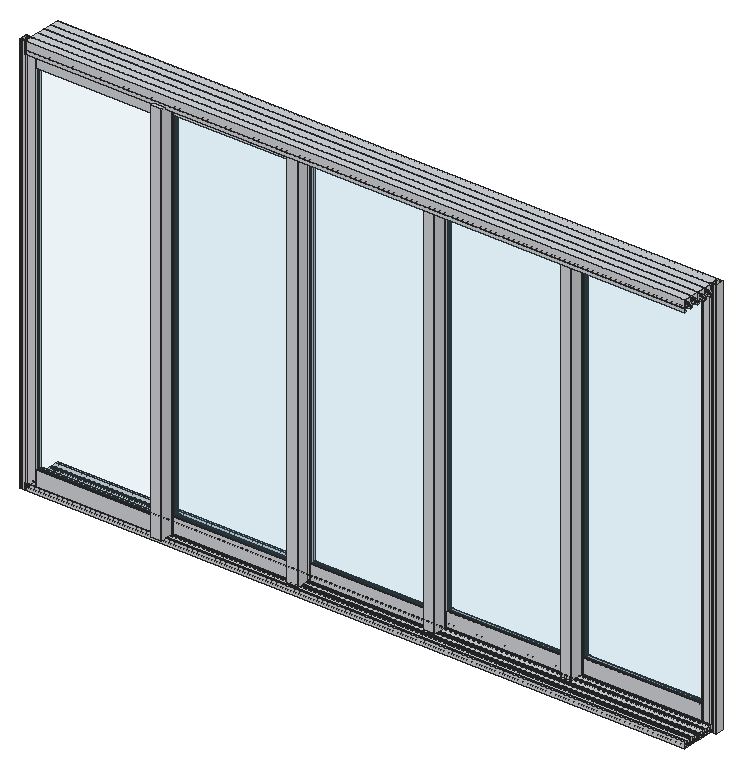
Revit family "MT-HB_SLIDING DOOR_XXXXX", category Doors, host Wall, Revit 2017 (continued)
Definition of nested family "HB_SLIDING_GLAZED PANEL_XX_TYPE 2"
  Forms (mm)
    Sweep 6, solid, material <- "Sash Material", visible <- "SINGLE GLAZED"
      profile "HB26_BOTTOM RAIL_SGL : HB26_BOTTOM RAIL_SGL" origin (0, 0, 0) x (0, 0, 1) y (0, -1, 0)
        loop
          line (120, -22.5) -> (120, -12.7) -> (118.4, -12.7) -> (118.4, -9.5) -> (109.983, -9.5) -> (109.983, -13.498) -> (115.737, -13.498)
          arc (115.737, -13.498) -> (117.337, -14.16) -> (118, -15.76) r 2.263
          line (118, -15.76) -> (118, -20.5) -> (99.998, -20.5) -> (99.998, 6.917) -> (104.597, 11.515) -> (109.994, 11.515) -> (109.994, 9.5) -> (118.41, 9.5) -> (118.41, 12.7) -> (120, 12.7) -> (120, 22.5) -> (-0.002, 22.5) -> (-0.002, 20.5) -> (47.501, 20.5) -> (47.501, -20.5) -> (-0.002, -20.5) -> (-0.002, -22.5) -> (120, -22.5)
    Sweep 7, solid, material <- "Sash Material", visible <- "DOUBLE GLAZED"
      path origin (0, 0, 0) x (1, 0, 0) y (0, 0, 1)
        loop
          line (-442.7, 0) -> (442.7, 0)
      profile "HB426_BOTTOM RAIL_DBL : HB426_BOTTOM RAIL_DBL" origin (0, 0, 0) x (0, 0, 1) y (0, -1, 0)
        loop
          line (120, -22.5) -> (120, -19.2) -> (118.4, -19.2) -> (118.4, -16) -> (109.994, -16) -> (109.994, -20.5) -> (99.998, -20.5) -> (99.998, 6.97) -> (97.544, 6.97) -> (97.544, 16.214) -> (101.841, 20.511) -> (109.994, 20.511) -> (109.994, 16.001) -> (118.4, 16.001) -> (118.4, 19.201) -> (120, 19.201) -> (120, 22.5) -> (-0.002, 22.5) -> (-0.002, 20.4) -> (47.501, 20.4) -> (47.501, -20.4) -> (-0.002, -20.4) -> (-0.002, -22.5) -> (120, -22.5)
    Sweep 8, solid, material <- "Sash Material", visible <- "DOUBLE GLAZED"
      path origin (0, 0, 0) x (1, 0, 0) y (0, 0, 1)
        loop
          line (-522.7, 2890) -> (-522.7, 0)
      profile "HB106_DBL_INTERLOCK : HB428_SGL_LOCK STILE" origin (-522.7, 0, 1445) x (1, 0, 0) y (0, -1, 0)
        loop
          line (80, -22.5) -> (80, -19.2) -> (78.4, -19.2) -> (78.4, -16) -> (68.805, -16) -> (68.805, -20) -> (50.003, -20) -> (50.003, 20) -> (68.805, 20) -> (68.805, 16) -> (78.4, 16) -> (78.4, 19.2) -> (80, 19.2) -> (80, 22.5) -> (0, 22.5) -> (0, -19)
          arc (0, -19) -> (1.025, -21.475) -> (3.5, -22.5) r 3.5
          line (3.5, -22.5) -> (80, -22.5)
    Sweep 9, solid, material <- "Sash Material", visible <- "SINGLE GLAZED"
      path origin (0, 0, 0) x (1, 0, 0) y (0, 0, 1)
        loop
          line (522.7, 2890) -> (522.7, 0)
      profile "HB22_SGL_LOCK STILE : HB22_SGL_LOCK STILE" origin (522.7, 0, 1445) x (1, 0, 0) y (0, -1, 0)
        loop
          line (-75, -22.5) -> (-2.431, -22.5)
          arc (-2.431, -22.5) -> (-1.085, -18.564) -> (0, -14.548) r 63.5
          line (0, -14.548) -> (0, 14.548)
          arc (0, 14.548) -> (-1.085, 18.564) -> (-2.431, 22.5) r 63.5
          line (-2.431, 22.5) -> (-75, 22.5) -> (-75, 12.7) -> (-73.34, 12.7) -> (-73.34, 9.5) -> (-64.882, 9.5) -> (-64.882, 13.93) -> (-72.44, 13.93) -> (-72.44, 20.5) -> (-49.94, 20.5) -> (-49.94, -20.5) -> (-72.44, -20.5) -> (-72.44, -13.93) -> (-64.882, -13.93) -> (-64.882, -9.5) -> (-73.34, -9.5) -> (-73.34, -12.7) -> (-75, -12.7) -> (-75, -22.5)
    Sweep 10, solid, material <- "Sash Material", visible <- "DOUBLE GLAZED"
      path origin (0, 0, 0) x (1, 0, 0) y (0, 0, 1)
        loop
          line (522.7, 2890) -> (522.7, 0)
      profile "HB422_DBL_LOCK STILE : HB422_DBL_LOCK STILE" origin (522.7, 0, 1445) x (1, 0, 0) y (0, -1, 0)
        loop
          arc (-2.491, -22.5) -> (-1.107, -18.437) -> (0, -14.29) r 63.5
          line (0, -14.29) -> (0, 14.29)
          arc (0, 14.29) -> (-1.107, 18.437) -> (-2.491, 22.5) r 63.5
          line (-2.491, 22.5) -> (-80, 22.5) -> (-80, 19.2) -> (-78.4, 19.2) -> (-78.4, 16) -> (-68.805, 16) -> (-68.805, 20.5) -> (-50, 20.5) -> (-50, -20.5) -> (-68.805, -20.5) -> (-68.805, -16) -> (-78.4, -16) -> (-78.4, -19.2) -> (-80, -19.2) -> (-80, -22.5) -> (-2.491, -22.5)
  Lines and regions (mm)
    Masking region 1, detail levels coarse
      outline origin (0, 0, 0) x (1, 0, 0) y (0, 1, 0)
        loop
          line (442.7, 22.5) -> (442.7, -22.5) -> (522.7, -22.5) -> (522.7, 22.5) -> (442.7, 22.5)
        loop
          line (-522.7, 22.5) -> (-522.7, -22.5) -> (-442.7, -22.5) -> (-442.7, 22.5) -> (-522.7, 22.5)
    Masking region 2, detail levels coarse
      outline origin (0, 0, 0) x (0, 1, 0) y (0, 0, 1)
        loop
          line (22.5, 2890) -> (-22.5, 2890) -> (-22.5, 2810.5) -> (22.5, 2810.5) -> (22.5, 2890)
        loop
          line (22.5, 0) -> (22.5, 120) -> (-22.5, 120) -> (-22.5, 0) -> (22.5, 0)
  Dimensions and locks
    equal spacing: plane 4, plane 3 "Center (Left/Right)", plane 5
    "PANEL WIDTH": plane 4 to plane 5
    "PANEL HEIGHT": plane 8 to plane 2
    equal spacing: Extrusion 1 sketch curve, plane 1 "Center (Front/Back)", Extrusion 1 sketch curve
    "SINGLE GLAZED THICKNESS": Extrusion 1 sketch curve to Extrusion 1 sketch curve
    equal spacing: plane 8, plane 11, plane 2
    equal spacing: Extrusion 2 sketch curve, plane 1 "Center (Front/Back)", Extrusion 2 sketch curve  (x2)
    "AIR POCKET": Extrusion 2 sketch curve to Extrusion 2 sketch curve
    "DOUBLE GLAZED THICKNESS": Extrusion 2 sketch curve to Extrusion 2 sketch curve
    "JAMP WIDTH": plane 4 to plane 12
    "JAMP WIDTH": plane 13 to plane 5
    "HEAD_JAMP HEIGHT": plane 8 to plane 9
    locked: plane 13 to plane 7 at 8
    "BOTTOM_JAMP HEIGHT": plane 10 to plane 2
    locked: plane 6 to plane 12 at 8
    locked: plane 10 to plane 14 at 10
    locked: plane 15 to plane 9 at 10
    "GLAZED WIDTH": plane 6 to plane 7
    aligned and locked: level to plane 2
    aligned and locked: plane 6 to Extrusion 1 sketch curve
    aligned and locked: Extrusion 1 sketch curve to plane 7
    aligned and locked: plane 6 to Extrusion 2 sketch curve  (x2)
    aligned and locked: Extrusion 2 sketch curve to plane 7  (x2)
    aligned and locked: Sweep 3 sketch curve to plane 4
    aligned and locked: plane 2 to Sweep 3 sketch curve
    aligned and locked: plane 8 to Sweep 3 sketch curve
    aligned and locked: Sweep 4 sketch curve to plane 8
    aligned and locked: plane 12 to Sweep 4 sketch curve
    aligned and locked: plane 13 to Sweep 4 sketch curve
    aligned and locked: Sweep 5 sketch curve to plane 8
    aligned and locked: plane 12 to Sweep 5 sketch curve
    aligned and locked: plane 13 to Sweep 5 sketch curve
    aligned and locked: Sweep 6 sketch curve to plane 2
    aligned and locked: plane 12 to Sweep 6 sketch curve
    aligned and locked: Sweep 7 sketch curve to plane 2
    aligned and locked: plane 12 to Sweep 7 sketch curve
    aligned and locked: plane 13 to Sweep 7 sketch curve
    aligned and locked: plane 13 to Sweep 6 sketch curve
    aligned and locked: nested 1 to plane 8
    aligned and locked: nested 1 to plane 1 "Center (Front/Back)"
    aligned and locked: nested 1 to nested 2
    aligned and locked: nested 2 to plane 8
    aligned and locked: nested 3 to plane 8
    aligned and locked: nested 3 to plane 1 "Center (Front/Back)"
    aligned and locked: nested 4 to plane 8
    aligned and locked: nested 4 to plane 1 "Center (Front/Back)"
    aligned and locked: Sweep 6 to Masking region 1 sketch curve
    aligned and locked: Masking region 1 sketch curve to Sweep 6
    aligned and locked: Masking region 2 sketch curve to Sweep 3  (x2)
    aligned and locked: plane 15 to Extrusion 1
    aligned and locked: Extrusion 1 to plane 14
    aligned and locked: plane 9 to Masking region 2 sketch curve
    aligned and locked: Masking region 2 sketch curve to plane 10
    aligned and locked: nested 5 to plane 2
    aligned and locked: Extrusion 2 to Extrusion 1  (x2)
    aligned and locked: nested 6 to plane 2
    aligned and locked: nested 6 to plane 1 "Center (Front/Back)"
    aligned and locked: plane 4 to nested 7
    aligned and locked: plane 1 "Center (Front/Back)" to nested 7
    aligned and locked: plane 4 to nested 8
    aligned and locked: plane 1 "Center (Front/Back)" to nested 8
    aligned and locked: plane 5 to nested 9
    aligned and locked: nested 9 to plane 1 "Center (Front/Back)"
    aligned and locked: plane 5 to nested 10
    aligned and locked: nested 10 to plane 1 "Center (Front/Back)"
  Automatic sketch dimensions
    Sweep 8 sketch curve to level = 0 mm
    Sweep 8 sketch curve to plane 4 = 0 mm
    Sweep 8 sketch curve to plane 8 = 0 mm
    Sweep 9 sketch curve to level = 0 mm
    Sweep 9 sketch curve to plane 5 = 0 mm
    Sweep 9 sketch curve to plane 8 = 0 mm
    plane 1 "Center (Front/Back)" to Masking region 1 sketch curve = 22.5 mm  (x2)
    Masking region 1 sketch curve to plane 1 "Center (Front/Back)" = 22.5 mm  (x2)
    Masking region 1 sketch curve to plane 5 = 0 mm
    Sweep 10 sketch curve to level = 0 mm
    Sweep 10 sketch curve to plane 5 = 0 mm
    Sweep 10 sketch curve to plane 8 = 0 mm
    plane 1 "Center (Front/Back)" to Masking region 2 sketch curve = 22.5 mm  (x2)
    Masking region 2 sketch curve to plane 1 "Center (Front/Back)" = 22.5 mm  (x2)
    Masking region 1 sketch curve to plane 4 = 0 mm
  Nested families
    nested 1: "DETAIL_HB102_TOP RAIL_SGL" at (0, 0, 2890) x (0, 1, 0) z (1, 0, 0), visible <- "SINGLE GLAZED", type "DETAIL_HB102_TOP RAIL_SGL", detail levels fine
    nested 2: "DETAIL_HB12_GLAZING BEAD" at (0, 0, 2890) x (0, 1, 0) z (1, 0, 0), visible <- "SINGLE GLAZED", type "DETAIL_HB12_GLAZING BEAD", detail levels fine
    nested 3: "DETAIL_HB202_TOP RAIL - DBL" at (0, 0, 2890) x (0, 1, 0) z (1, 0, 0), visible <- "DOUBLE GLAZED", type "DETAIL_HB202_TOP RAIL - DBL", detail levels fine
    nested 4: "DETAIL_HB412_DBL_GLAZING BEAD" at (0, 0, 2890) x (0, 1, 0) z (1, 0, 0), visible <- "DOUBLE GLAZED", type "DETAIL_HB412_DBL_GLAZING BEAD", detail levels fine
    nested 5: "DETAIL_SGL_HB_BOTTOM RAIL" at (0, 0, 120.002) x (0, -1, 0) z (1, 0, 0), visible <- "SINGLE GLAZED", type "SGL_HB_BOTTOM RAIL", detail levels fine
    nested 6: "DETAIL_DBL_HB_BOTTOM RAIL" at (0, 0, 120.002) x (0, -1, 0) z (1, 0, 0), visible <- "DOUBLE GLAZED", type "DETAIL_HB17_TOP&BOTTOM RAIL", detail levels fine
    nested 7: "DETAIL_HB106_DBL_INTERLOCK" at (-522.7, 0, 0), visible <- "DOUBLE GLAZED", type "DETAIL_HB106_DBL_INTERLOCK", detail levels fine
    nested 8: "DETAIL_HB106_SGL_ INTERLOCK" at (-522.7, 0, 0), visible <- "SINGLE GLAZED", type "DETAIL_HB106_SGL_ INTERLOCK", detail levels fine
    nested 9: "DETAIL_HB22_DBL_LOCK STILE" at (522.7, 0, 0) x (-1, 0, 0) z (0, 0, 1), visible <- "SINGLE GLAZED", type "DETAIL_HB22_DBL_LOCK STILE", detail levels fine
    nested 10: "DETAIL_HB422_DBL_LOCK STILE" at (522.7, 0, 0) x (-1, 0, 0) z (0, 0, 1), visible <- "DOUBLE GLAZED", type "DETAIL_HB422_DBL_LOCK STILE", detail levels fine
  Definition of nested family "DETAIL_HB102_TOP RAIL_SGL"
    Reference planes
      plane 1 "Center (Front/Back)": y = 0
      plane 2: z = 0
      plane 3 "Center (Left/Right)": x = 0
      plane 4: x = -22.5
      plane 5: x = 22.5
    Lines and regions (mm)
      model lines, in view "Ref. Level"
        curve 1: arc (20.5, -77.499, 0) -> (20.354, -77.853, 0) -> (20, -77.999, 0) r 0.5
        curve 2: arc (15.428, -77.999, 0) -> (13.922, -77.315, 0) -> (13.446, -75.73, 0) r 2
        curve 3: arc (13.446, -75.73, 0) -> (13.462, -73.38, 0) -> (12.88, -71.103, 0) r 9.167
        curve 4: arc (12.88, -71.103, 0) -> (12.586, -70.737, 0) -> (12.137, -70.599, 0) r 0.8
        curve 5: arc (10.5, -70.599, 0) -> (10.359, -70.541, 0) -> (10.3, -70.399, 0) r 0.2
        curve 6: arc (10.3, -70.382, 0) -> (9.9, -69.982, 0) -> (9.5, -70.382, 0) r 0.4
        curve 7: arc (9.5, -72.494, 0) -> (9.9, -72.894, 0) -> (10.3, -72.494, 0) r 0.4
        curve 8: arc (11.434, -71.799, 0) -> (11.93, -74.499, 0) -> (11.43, -77.199, 0) r 7.567
        curve 9: arc (10.3, -76.494, 0) -> (9.9, -76.094, 0) -> (9.5, -76.494, 0) r 0.4
        curve 10: arc (9.5, -77.999, 0) -> (9.617, -78.282, 0) -> (9.9, -78.399, 0) r 0.4
        curve 11: arc (12.3, -78.399, 0) -> (12.583, -78.516, 0) -> (12.7, -78.799, 0) r 0.4
        curve 12: arc (12.7, -79.599, 0) -> (12.817, -79.882, 0) -> (13.1, -79.999, 0) r 0.4
        curve 13: arc (22.1, -79.999, 0) -> (22.383, -79.882, 0) -> (22.5, -79.599, 0) r 0.4
        curve 14: arc (22.5, -0.5, 0) -> (22.354, -0.146, 0) -> (22, 0, 0) r 0.5
        curve 15: arc (21, 0, 0) -> (20.646, -0.146, 0) -> (20.5, -0.5, 0) r 0.5
        curve 16: arc (20.5, -6.5, 0) -> (20.354, -6.853, 0) -> (20, -7, 0) r 0.5
        curve 17: arc (-20, -7, 0) -> (-20.354, -6.853, 0) -> (-20.5, -6.5, 0) r 0.5
        curve 18: arc (-20.5, -0.5, 0) -> (-20.646, -0.146, 0) -> (-21, 0, 0) r 0.5
        curve 19: arc (-22, 0, 0) -> (-22.354, -0.146, 0) -> (-22.5, -0.5, 0) r 0.5
        curve 20: arc (-22.5, -59.8, 0) -> (-22.441, -59.941, 0) -> (-22.3, -60, 0) r 0.2
        curve 21: arc (-19.454, -57.853, 0) -> (-19.345, -57.308, 0) -> (-19.807, -57, 0) r 0.5
        curve 22: arc (-20.511, -57, 0) -> (-20.652, -56.941, 0) -> (-20.711, -56.8, 0) r 0.2
        curve 23: arc (-20.711, -55.6, 0) -> (-20.623, -55.388, 0) -> (-20.411, -55.3, 0) r 0.3
        curve 24: arc (-4.606, -55.3, 0) -> (-4.253, -55.446, 0) -> (-4.106, -55.8, 0) r 0.5
        curve 25: arc (-4.106, -57.8, 0) -> (-4.253, -58.153, 0) -> (-4.606, -58.3, 0) r 0.5
        curve 26: arc (-5.371, -58.3, 0) -> (-5.562, -58.262, 0) -> (-5.725, -58.153, 0) r 0.5
        curve 27: arc (-6.187, -57.691, 0) -> (-6.328, -57.633, 0) -> (-6.47, -57.691, 0) r 0.2
        curve 28: arc (-6.823, -58.045, 0) -> (-6.931, -58.207, 0) -> (-6.97, -58.398, 0) r 0.5
        curve 29: arc (-6.97, -59.5, 0) -> (-6.823, -59.853, 0) -> (-6.47, -60, 0) r 0.5
        curve 30: arc (20, -60, 0) -> (20.354, -60.146, 0) -> (20.5, -60.5, 0) r 0.5
        curve 31: arc (7.177, -57.697, 0) -> (7.327, -57.737, 0) -> (7.437, -57.847, 0) r 0.3
        curve 32: arc (7.437, -57.847, 0) -> (7.546, -57.957, 0) -> (7.696, -57.997, 0) r 0.3
        curve 33: arc (13, -57.997, 0) -> (13.354, -57.85, 0) -> (13.5, -57.497, 0) r 0.5
        curve 34: arc (13.5, -53.8, 0) -> (13.646, -53.446, 0) -> (14, -53.3, 0) r 0.5
        curve 35: arc (15, -53.3, 0) -> (15.354, -53.446, 0) -> (15.5, -53.8, 0) r 0.5
        curve 36: arc (15.5, -57.497, 0) -> (15.646, -57.85, 0) -> (16, -57.997, 0) r 0.5
        curve 37: arc (20, -57.997, 0) -> (20.354, -57.85, 0) -> (20.5, -57.497, 0) r 0.5
        curve 38: arc (20.5, -45.452, 0) -> (20.464, -45.337, 0) -> (20.368, -45.264, 0) r 0.2
        curve 39: arc (19.097, -44.801, 0) -> (18.9, -44.519, 0) -> (19.097, -44.237, 0) r 0.3
        curve 40: arc (20.368, -43.775, 0) -> (20.464, -43.701, 0) -> (20.5, -43.587, 0) r 0.2
        curve 41: arc (20.5, -19.713, 0) -> (20.464, -19.598, 0) -> (20.368, -19.525, 0) r 0.2
        curve 42: arc (19.097, -19.062, 0) -> (18.9, -18.781, 0) -> (19.097, -18.499, 0) r 0.3
        curve 43: arc (20.368, -18.036, 0) -> (20.464, -17.963, 0) -> (20.5, -17.848, 0) r 0.2
        curve 44: arc (20.5, -10.5, 0) -> (20.354, -10.146, 0) -> (20, -10, 0) r 0.5
        curve 45: arc (-20, -10, 0) -> (-20.354, -10.146, 0) -> (-20.5, -10.5, 0) r 0.5
        curve 46: arc (-20.5, -17.848, 0) -> (-20.464, -17.963, 0) -> (-20.368, -18.036, 0) r 0.2
        curve 47: arc (-19.097, -18.499, 0) -> (-18.9, -18.781, 0) -> (-19.097, -19.062, 0) r 0.3
        curve 48: arc (-20.368, -19.525, 0) -> (-20.464, -19.598, 0) -> (-20.5, -19.713, 0) r 0.2
        curve 49: arc (-20.5, -43.587, 0) -> (-20.464, -43.701, 0) -> (-20.368, -43.775, 0) r 0.2
        curve 50: arc (-19.097, -44.237, 0) -> (-18.9, -44.519, 0) -> (-19.097, -44.801, 0) r 0.3
        curve 51: arc (-20.368, -45.264, 0) -> (-20.464, -45.337, 0) -> (-20.5, -45.452, 0) r 0.2
        curve 52: arc (-20.5, -52.8, 0) -> (-20.354, -53.153, 0) -> (-20, -53.3, 0) r 0.5
        curve 53: arc (-4.606, -53.3, 0) -> (-2.839, -54.032, 0) -> (-2.106, -55.8, 0) r 2.5
        curve 54: arc (-2.106, -57.497, 0) -> (-1.96, -57.85, 0) -> (-1.606, -57.997, 0) r 0.5
        curve 55: arc (3.697, -57.997, 0) -> (3.847, -58.037, 0) -> (3.957, -58.147, 0) r 0.3
        curve 56: arc (3.957, -58.147, 0) -> (4.066, -58.257, 0) -> (4.216, -58.297, 0) r 0.3
        curve 57: arc (5.397, -58.297, 0) -> (5.609, -58.209, 0) -> (5.697, -57.997, 0) r 0.3
        curve 58: arc (5.697, -57.997, 0) -> (5.785, -57.785, 0) -> (5.997, -57.697, 0) r 0.3
        curve 59: line (20.5, -60.5, 0) -> (20.5, -77.499, 0)
        curve 60: line (20, -77.999, 0) -> (15.428, -77.999, 0)
        curve 61: line (12.137, -70.599, 0) -> (10.5, -70.599, 0)
        curve 62: line (9.5, -70.382, 0) -> (9.5, -72.494, 0)
        curve 63: line (10.3, -72.494, 0) -> (10.3, -71.799, 0)
        curve 64: line (10.3, -71.799, 0) -> (11.434, -71.799, 0)
        curve 65: line (11.43, -77.199, 0) -> (10.3, -77.199, 0)
        curve 66: line (10.3, -77.199, 0) -> (10.3, -76.494, 0)
        curve 67: line (9.5, -76.494, 0) -> (9.5, -77.999, 0)
        curve 68: line (9.9, -78.399, 0) -> (12.3, -78.399, 0)
        curve 69: line (12.7, -78.799, 0) -> (12.7, -79.599, 0)
        curve 70: line (13.1, -79.999, 0) -> (22.1, -79.999, 0)
        curve 71: line (22.5, -79.599, 0) -> (22.5, -0.5, 0)
        curve 72: line (22, 0, 0) -> (21, 0, 0)
        curve 73: line (20.5, -0.5, 0) -> (20.5, -6.5, 0)
        curve 74: line (20, -7, 0) -> (13.55, -7, 0)
        curve 75: line (13.55, -7, 0) -> (13.25, -7.3, 0)
        curve 76: line (13.25, -7.3, 0) -> (12.95, -7, 0)
        curve 77: line (12.95, -7, 0) -> (-12.95, -7, 0)
        curve 78: line (-12.95, -7, 0) -> (-13.25, -7.3, 0)
        curve 79: line (-13.25, -7.3, 0) -> (-13.55, -7, 0)
        curve 80: line (-13.55, -7, 0) -> (-20, -7, 0)
        curve 81: line (-20.5, -6.5, 0) -> (-20.5, -0.5, 0)
        curve 82: line (-21, 0, 0) -> (-22, 0, 0)
        curve 83: line (-22.5, -0.5, 0) -> (-22.5, -59.8, 0)
        curve 84: line (-22.3, -60, 0) -> (-21.683, -60, 0)
        curve 85: line (-21.683, -60, 0) -> (-19.454, -57.853, 0)
        curve 86: line (-19.807, -57, 0) -> (-20.511, -57, 0)
        curve 87: line (-20.711, -56.8, 0) -> (-20.711, -55.6, 0)
        curve 88: line (-20.411, -55.3, 0) -> (-13.55, -55.3, 0)
        curve 89: line (-13.55, -55.3, 0) -> (-13.25, -55, 0)
        curve 90: line (-13.25, -55, 0) -> (-12.95, -55.3, 0)
        curve 91: line (-12.95, -55.3, 0) -> (-4.606, -55.3, 0)
        curve 92: line (-4.106, -55.8, 0) -> (-4.106, -57.8, 0)
        curve 93: line (-4.606, -58.3, 0) -> (-5.371, -58.3, 0)
        curve 94: line (-5.725, -58.153, 0) -> (-6.187, -57.691, 0)
        curve 95: line (-6.47, -57.691, 0) -> (-6.823, -58.045, 0)
        curve 96: line (-6.97, -58.398, 0) -> (-6.97, -59.5, 0)
        curve 97: line (-6.47, -60, 0) -> (20, -60, 0)
        curve 98: line (7.696, -57.997, 0) -> (13, -57.997, 0)
        curve 99: line (13.5, -57.497, 0) -> (13.5, -53.8, 0)
        curve 100: line (14, -53.3, 0) -> (15, -53.3, 0)
        curve 101: line (15.5, -53.8, 0) -> (15.5, -57.497, 0)
        curve 102: line (16, -57.997, 0) -> (20, -57.997, 0)
        curve 103: line (20.5, -57.497, 0) -> (20.5, -45.452, 0)
        curve 104: line (20.368, -45.264, 0) -> (19.097, -44.801, 0)
        curve 105: line (19.097, -44.237, 0) -> (20.368, -43.775, 0)
        curve 106: line (20.5, -43.587, 0) -> (20.5, -19.713, 0)
        curve 107: line (20.368, -19.525, 0) -> (19.097, -19.062, 0)
        curve 108: line (19.097, -18.499, 0) -> (20.368, -18.036, 0)
        curve 109: line (20.5, -17.848, 0) -> (20.5, -10.5, 0)
        curve 110: line (20, -10, 0) -> (-20, -10, 0)
        curve 111: line (-20.5, -10.5, 0) -> (-20.5, -17.848, 0)
        curve 112: line (-20.368, -18.036, 0) -> (-19.097, -18.499, 0)
        curve 113: line (-19.097, -19.062, 0) -> (-20.368, -19.525, 0)
        curve 114: line (-20.5, -19.713, 0) -> (-20.5, -43.587, 0)
        curve 115: line (-20.368, -43.775, 0) -> (-19.097, -44.237, 0)
        curve 116: line (-19.097, -44.801, 0) -> (-20.368, -45.264, 0)
        curve 117: line (-20.5, -45.452, 0) -> (-20.5, -52.8, 0)
        curve 118: line (-20, -53.3, 0) -> (-4.606, -53.3, 0)
        curve 119: line (-2.106, -55.8, 0) -> (-2.106, -57.497, 0)
        curve 120: line (-1.606, -57.997, 0) -> (3.697, -57.997, 0)
        curve 121: line (4.216, -58.297, 0) -> (5.397, -58.297, 0)
        curve 122: line (5.997, -57.697, 0) -> (7.177, -57.697, 0)
    Dimensions and locks
      plane 4 to plane 3 "Center (Left/Right)" = 22.5 mm
  Definition of nested family "DETAIL_HB12_GLAZING BEAD"
    Reference planes
      plane 1 "Center (Front/Back)": y = 0
      plane 2: z = 0
      plane 3 "Center (Left/Right)": x = 0
      plane 4: x = -22.5
    Lines and regions (mm)
      model lines, in view "Ref. Level"
        curve 1: arc (-19.607, -55.582, 0) -> (-19.825, -55.767, 0) -> (-19.907, -56.041, 0) r 0.5
        curve 2: arc (-19.907, -56.333, 0) -> (-19.84, -56.583, 0) -> (-19.657, -56.766, 0) r 0.5
        curve 3: arc (-19.657, -56.766, 0) -> (-19.474, -56.949, 0) -> (-19.407, -57.199, 0) r 0.5
        curve 4: arc (-19.407, -57.98, 0) -> (-19.483, -58.363, 0) -> (-19.7, -58.688, 0) r 1
        curve 5: arc (-20.819, -59.807, 0) -> (-21.144, -60.024, 0) -> (-21.527, -60.1, 0) r 1
        curve 6: arc (-22.3, -60.1, 0) -> (-22.443, -60.16, 0) -> (-22.5, -60.303, 0) r 0.2
        curve 7: arc (-22.165, -79.508, 0) -> (-22.015, -79.856, 0) -> (-21.665, -79.999, 0) r 0.5
        curve 8: arc (-13.1, -79.999, 0) -> (-12.817, -79.882, 0) -> (-12.7, -79.599, 0) r 0.4
        curve 9: arc (-12.7, -78.809, 0) -> (-12.583, -78.526, 0) -> (-12.3, -78.409, 0) r 0.4
        curve 10: arc (-9.9, -78.409, 0) -> (-9.617, -78.292, 0) -> (-9.5, -78.009, 0) r 0.4
        curve 11: arc (-9.5, -76.504, 0) -> (-9.9, -76.104, 0) -> (-10.3, -76.504, 0) r 0.4
        curve 12: arc (-11.43, -77.209, 0) -> (-11.93, -74.509, 0) -> (-11.434, -71.809, 0) r 7.567
        curve 13: arc (-10.3, -72.504, 0) -> (-9.9, -72.904, 0) -> (-9.5, -72.504, 0) r 0.4
        curve 14: arc (-9.5, -70.392, 0) -> (-9.876, -69.993, 0) -> (-10.297, -70.345, 0) r 0.4
        curve 15: arc (-10.297, -70.345, 0) -> (-10.396, -70.534, 0) -> (-10.595, -70.609, 0) r 0.3
        curve 16: arc (-11.215, -70.609, 0) -> (-11.428, -70.521, 0) -> (-11.515, -70.309, 0) r 0.3
        curve 17: arc (-11.515, -65.838, 0) -> (-11.287, -64.69, 0) -> (-10.637, -63.717, 0) r 3
        curve 18: arc (-7.848, -60.929, 0) -> (-7.198, -59.955, 0) -> (-6.97, -58.807, 0) r 3
        curve 19: arc (-6.97, -57.585, 0) -> (-6.661, -57.123, 0) -> (-6.116, -57.232, 0) r 0.5
        curve 20: arc (-5.341, -58.007, 0) -> (-4.634, -58.007, 0) -> (-4.634, -57.3, 0) r 0.5
        curve 21: arc (-5.444, -56.489, 0) -> (-5.931, -56.164, 0) -> (-6.505, -56.05, 0) r 1.5
        curve 22: arc (-9.964, -55.8, 0) -> (-10.111, -55.446, 0) -> (-10.464, -55.3, 0) r 0.5
        curve 23: arc (-10.464, -55.3, 0) -> (-10.818, -55.446, 0) -> (-10.964, -55.8, 0) r 0.5
        curve 24: arc (-10.964, -56.75, 0) -> (-10.818, -57.103, 0) -> (-10.464, -57.25, 0) r 0.5
        curve 25: arc (-8.67, -57.25, 0) -> (-8.316, -57.396, 0) -> (-8.17, -57.75, 0) r 0.5
        curve 26: arc (-8.17, -58.807, 0) -> (-8.307, -59.496, 0) -> (-8.697, -60.08, 0) r 1.8
        curve 27: arc (-11.485, -62.869, 0) -> (-12.396, -64.231, 0) -> (-12.715, -65.838, 0) r 4.2
        curve 28: arc (-12.741, -70.784, 0) -> (-13.44, -73.226, 0) -> (-13.443, -75.765, 0) r 9.167
        curve 29: arc (-13.443, -75.765, 0) -> (-14.032, -77.749, 0) -> (-15.919, -78.599, 0) r 2.486
        curve 30: arc (-20.489, -78.599, 0) -> (-20.839, -78.456, 0) -> (-20.989, -78.108, 0) r 0.5
        curve 31: arc (-21.261, -62.519, 0) -> (-21.188, -62.127, 0) -> (-20.968, -61.794, 0) r 1
        curve 32: arc (-18.5, -59.326, 0) -> (-18.284, -59.002, 0) -> (-18.208, -58.619, 0) r 1
        curve 33: line (-19.907, -56.041, 0) -> (-19.907, -56.333, 0)
        curve 34: line (-19.407, -57.199, 0) -> (-19.407, -57.98, 0)
        curve 35: line (-19.7, -58.688, 0) -> (-20.819, -59.807, 0)
        curve 36: line (-21.527, -60.1, 0) -> (-22.3, -60.1, 0)
        curve 37: line (-22.5, -60.303, 0) -> (-22.165, -79.508, 0)
        curve 38: line (-21.665, -79.999, 0) -> (-13.1, -79.999, 0)
        curve 39: line (-12.7, -79.599, 0) -> (-12.7, -78.809, 0)
        curve 40: line (-12.3, -78.409, 0) -> (-9.9, -78.409, 0)
        curve 41: line (-9.5, -78.009, 0) -> (-9.5, -76.504, 0)
        curve 42: line (-10.3, -76.504, 0) -> (-10.3, -77.209, 0)
        curve 43: line (-10.3, -77.209, 0) -> (-11.43, -77.209, 0)
        curve 44: line (-11.434, -71.809, 0) -> (-10.3, -71.809, 0)
        curve 45: line (-10.3, -71.809, 0) -> (-10.3, -72.504, 0)
        curve 46: line (-9.5, -72.504, 0) -> (-9.5, -70.392, 0)
        curve 47: line (-10.595, -70.609, 0) -> (-11.215, -70.609, 0)
        curve 48: line (-11.515, -70.309, 0) -> (-11.515, -65.838, 0)
        curve 49: line (-10.637, -63.717, 0) -> (-7.848, -60.929, 0)
        curve 50: line (-6.97, -58.807, 0) -> (-6.97, -57.585, 0)
        curve 51: line (-6.116, -57.232, 0) -> (-5.341, -58.007, 0)
        curve 52: line (-4.634, -57.3, 0) -> (-5.444, -56.489, 0)
        curve 53: line (-6.505, -56.05, 0) -> (-9.964, -56.05, 0)
        curve 54: line (-9.964, -56.05, 0) -> (-9.964, -55.8, 0)
        curve 55: line (-10.964, -55.8, 0) -> (-10.964, -56.75, 0)
        curve 56: line (-10.464, -57.25, 0) -> (-8.67, -57.25, 0)
        curve 57: line (-8.17, -57.75, 0) -> (-8.17, -58.807, 0)
        curve 58: line (-8.697, -60.08, 0) -> (-11.485, -62.869, 0)
        curve 59: line (-12.715, -65.838, 0) -> (-12.715, -70.662, 0)
        curve 60: line (-15.919, -78.599, 0) -> (-20.489, -78.599, 0)
        curve 61: line (-20.989, -78.108, 0) -> (-21.261, -62.519, 0)
        curve 62: line (-20.968, -61.794, 0) -> (-18.5, -59.326, 0)
        curve 63: line (-18.208, -58.619, 0) -> (-18.208, -56.499, 0)
        curve 64: arc (-18.208, -56.499, 0) -> (-18.66, -55.663, 0) -> (-19.607, -55.582, 0) r 1
  Definition of nested family "DETAIL_HB202_TOP RAIL - DBL"
    Reference planes
      plane 1 "Center (Front/Back)": y = 0
      plane 2: z = 0
      plane 3 "Center (Left/Right)": x = 0
      plane 4: x = -22.5
      plane 5: x = 22.5
    Lines and regions (mm)
      model lines, in view "Ref. Level"
        curve 1: arc (20.5, -6.5, 0) -> (20.354, -6.854, 0) -> (20, -7, 0) r 0.5
        curve 2: arc (-20, -7, 0) -> (-20.354, -6.854, 0) -> (-20.5, -6.5, 0) r 0.5
        curve 3: arc (-20.5, -0.5, 0) -> (-20.646, -0.146, 0) -> (-21, 0, 0) r 0.5
        curve 4: arc (-22, 0, 0) -> (-22.354, -0.146, 0) -> (-22.5, -0.5, 0) r 0.5
        curve 5: arc (-22.5, -59.3, 0) -> (-22.441, -59.441, 0) -> (-22.3, -59.5, 0) r 0.2
        curve 6: arc (-19.454, -57.354, 0) -> (-19.345, -56.809, 0) -> (-19.807, -56.5, 0) r 0.5
        curve 7: arc (-20.3, -56.5, 0) -> (-20.441, -56.441, 0) -> (-20.5, -56.3, 0) r 0.2
        curve 8: arc (-20.5, -55.1, 0) -> (-20.412, -54.888, 0) -> (-20.2, -54.8, 0) r 0.3
        curve 9: arc (-4.606, -54.8, 0) -> (-4.253, -54.946, 0) -> (-4.106, -55.3, 0) r 0.5
        curve 10: arc (-4.106, -57.3, 0) -> (-4.253, -57.654, 0) -> (-4.606, -57.8, 0) r 0.5
        curve 11: arc (-5.371, -57.8, 0) -> (-5.562, -57.762, 0) -> (-5.725, -57.654, 0) r 0.5
        curve 12: arc (-6.187, -57.191, 0) -> (-6.328, -57.133, 0) -> (-6.47, -57.191, 0) r 0.2
        curve 13: arc (-6.823, -57.545, 0) -> (-6.931, -57.707, 0) -> (-6.97, -57.899, 0) r 0.5
        curve 14: arc (-6.97, -59, 0) -> (-6.842, -59.334, 0) -> (-6.524, -59.497, 0) r 0.5
        curve 15: arc (20, -59.497, 0) -> (20.354, -59.644, 0) -> (20.5, -59.997, 0) r 0.5
        curve 16: arc (20.5, -70.884, 0) -> (20.302, -71.283, 0) -> (19.864, -71.365, 0) r 0.5
        curve 17: arc (19.864, -71.365, 0) -> (19.697, -71.327, 0) -> (19.528, -71.305, 0) r 1.7
        curve 18: arc (19.528, -71.305, 0) -> (19.264, -71.205, 0) -> (19.097, -70.979, 0) r 0.5
        curve 19: arc (19.097, -70.979, 0) -> (18.947, -70.597, 0) -> (18.779, -70.223, 0) r 8.767
        curve 20: arc (18.779, -70.223, 0) -> (18.706, -70.14, 0) -> (18.599, -70.109, 0) r 0.2
        curve 21: arc (17.197, -70.109, 0) -> (16.998, -70.034, 0) -> (16.9, -69.845, 0) r 0.3
        curve 22: arc (16.9, -69.845, 0) -> (16.479, -69.493, 0) -> (16.102, -69.893, 0) r 0.4
        curve 23: arc (16.102, -71.978, 0) -> (16.489, -72.404, 0) -> (16.902, -72.004, 0) r 0.4
        curve 24: arc (18.036, -71.3, 0) -> (18.211, -71.816, 0) -> (18.349, -72.344, 0) r 7.567
        curve 25: arc (18.349, -72.344, 0) -> (18.419, -72.456, 0) -> (18.544, -72.5, 0) r 0.2
        curve 26: arc (19.5, -72.5, 0) -> (19.854, -72.647, 0) -> (20, -73, 0) r 0.5
        curve 27: arc (20, -75, 0) -> (19.854, -75.354, 0) -> (19.5, -75.5, 0) r 0.5
        curve 28: arc (18.548, -75.5, 0) -> (18.419, -75.542, 0) -> (18.346, -75.656, 0) r 0.2
        curve 29: arc (18.346, -75.656, 0) -> (18.206, -76.184, 0) -> (18.03, -76.7, 0) r 7.567
        curve 30: arc (16.9, -76.01, 0) -> (16.508, -75.594, 0) -> (16.1, -75.994, 0) r 0.4
        curve 31: arc (16.1, -77.499, 0) -> (16.217, -77.782, 0) -> (16.5, -77.899, 0) r 0.4
        curve 32: arc (18.8, -77.899, 0) -> (19.154, -78.046, 0) -> (19.3, -78.399, 0) r 0.5
        curve 33: arc (19.3, -79.099, 0) -> (19.417, -79.382, 0) -> (19.7, -79.499, 0) r 0.4
        curve 34: arc (22.1, -79.499, 0) -> (22.383, -79.382, 0) -> (22.5, -79.099, 0) r 0.4
        curve 35: arc (22.5, -0.5, 0) -> (22.354, -0.146, 0) -> (22, 0, 0) r 0.5
        curve 36: arc (21, 0, 0) -> (20.646, -0.146, 0) -> (20.5, -0.5, 0) r 0.5
        curve 37: arc (13.5, -53.3, 0) -> (13.646, -52.946, 0) -> (14, -52.8, 0) r 0.5
        curve 38: arc (15, -52.8, 0) -> (15.354, -52.946, 0) -> (15.5, -53.3, 0) r 0.5
        curve 39: arc (15.5, -56.997, 0) -> (15.646, -57.351, 0) -> (16, -57.497, 0) r 0.5
        curve 40: arc (20, -57.497, 0) -> (20.354, -57.351, 0) -> (20.5, -56.997, 0) r 0.5
        curve 41: arc (20.5, -44.952, 0) -> (20.464, -44.837, 0) -> (20.368, -44.764, 0) r 0.2
        curve 42: arc (19.097, -44.301, 0) -> (18.9, -44.019, 0) -> (19.097, -43.737, 0) r 0.3
        curve 43: arc (20.368, -43.275, 0) -> (20.464, -43.202, 0) -> (20.5, -43.087, 0) r 0.2
        curve 44: arc (20.5, -19.213, 0) -> (20.464, -19.098, 0) -> (20.368, -19.025, 0) r 0.2
        curve 45: arc (19.097, -18.563, 0) -> (18.9, -18.281, 0) -> (19.097, -17.999, 0) r 0.3
        curve 46: arc (20.368, -17.536, 0) -> (20.464, -17.463, 0) -> (20.5, -17.348, 0) r 0.2
        curve 47: arc (20.5, -10, 0) -> (20.354, -9.646, 0) -> (20, -9.5, 0) r 0.5
        curve 48: arc (-20, -9.5, 0) -> (-20.354, -9.646, 0) -> (-20.5, -10, 0) r 0.5
        curve 49: arc (-20.5, -17.348, 0) -> (-20.464, -17.463, 0) -> (-20.368, -17.536, 0) r 0.2
        curve 50: arc (-19.097, -17.999, 0) -> (-18.9, -18.281, 0) -> (-19.097, -18.563, 0) r 0.3
        curve 51: arc (-20.368, -19.025, 0) -> (-20.464, -19.098, 0) -> (-20.5, -19.213, 0) r 0.2
        curve 52: arc (-20.5, -43.087, 0) -> (-20.464, -43.202, 0) -> (-20.368, -43.275, 0) r 0.2
        curve 53: arc (-19.097, -43.737, 0) -> (-18.9, -44.019, 0) -> (-19.097, -44.301, 0) r 0.3
        curve 54: arc (-20.368, -44.764, 0) -> (-20.464, -44.837, 0) -> (-20.5, -44.952, 0) r 0.2
        curve 55: arc (-20.5, -52.3, 0) -> (-20.354, -52.654, 0) -> (-20, -52.8, 0) r 0.5
        curve 56: arc (-4.606, -52.8, 0) -> (-2.839, -53.532, 0) -> (-2.106, -55.3, 0) r 2.5
        curve 57: arc (-2.106, -56.997, 0) -> (-1.96, -57.351, 0) -> (-1.606, -57.497, 0) r 0.5
        curve 58: line (20.5, -0.5, 0) -> (20.5, -6.5, 0)
        curve 59: line (20, -7, 0) -> (13.75, -7, 0)
        curve 60: line (13.75, -7, 0) -> (13.25, -7.5, 0)
        curve 61: line (13.25, -7.5, 0) -> (12.75, -7, 0)
        curve 62: line (12.75, -7, 0) -> (-12.75, -7, 0)
        curve 63: line (-12.75, -7, 0) -> (-13.25, -7.5, 0)
        curve 64: line (-13.25, -7.5, 0) -> (-13.75, -7, 0)
        curve 65: line (-13.75, -7, 0) -> (-20, -7, 0)
        curve 66: line (-20.5, -6.5, 0) -> (-20.5, -0.5, 0)
        curve 67: line (-21, 0, 0) -> (-22, 0, 0)
        curve 68: line (-22.5, -0.5, 0) -> (-22.5, -59.3, 0)
        curve 69: line (-22.3, -59.5, 0) -> (-21.683, -59.5, 0)
        curve 70: line (-21.683, -59.5, 0) -> (-19.454, -57.354, 0)
        curve 71: line (-19.807, -56.5, 0) -> (-20.3, -56.5, 0)
        curve 72: line (-20.5, -56.3, 0) -> (-20.5, -55.1, 0)
        curve 73: line (-20.2, -54.8, 0) -> (-13.75, -54.8, 0)
        curve 74: line (-13.75, -54.8, 0) -> (-13.25, -54.3, 0)
        curve 75: line (-13.25, -54.3, 0) -> (-12.75, -54.8, 0)
        curve 76: line (-12.75, -54.8, 0) -> (-4.606, -54.8, 0)
        curve 77: line (-4.106, -55.3, 0) -> (-4.106, -57.3, 0)
        curve 78: line (-4.606, -57.8, 0) -> (-5.371, -57.8, 0)
        curve 79: line (-5.725, -57.654, 0) -> (-6.187, -57.191, 0)
        curve 80: line (-6.47, -57.191, 0) -> (-6.823, -57.545, 0)
        curve 81: line (-6.97, -57.899, 0) -> (-6.97, -59, 0)
        curve 82: line (-6.524, -59.497, 0) -> (20, -59.497, 0)
        curve 83: line (20.5, -59.997, 0) -> (20.5, -70.884, 0)
        curve 84: line (18.599, -70.109, 0) -> (17.197, -70.109, 0)
        curve 85: line (16.102, -69.893, 0) -> (16.102, -71.978, 0)
        curve 86: line (16.902, -72.004, 0) -> (16.902, -71.3, 0)
        curve 87: line (16.902, -71.3, 0) -> (18.036, -71.3, 0)
        curve 88: line (18.544, -72.5, 0) -> (19.5, -72.5, 0)
        curve 89: line (20, -73, 0) -> (20, -75, 0)
        curve 90: line (19.5, -75.5, 0) -> (18.548, -75.5, 0)
        curve 91: line (18.03, -76.7, 0) -> (16.9, -76.7, 0)
        curve 92: line (16.9, -76.7, 0) -> (16.9, -76.01, 0)
        curve 93: line (16.1, -75.994, 0) -> (16.1, -77.499, 0)
        curve 94: line (16.5, -77.899, 0) -> (18.8, -77.899, 0)
        curve 95: line (19.3, -78.399, 0) -> (19.3, -79.099, 0)
        curve 96: line (19.7, -79.499, 0) -> (22.1, -79.499, 0)
        curve 97: line (22.5, -79.099, 0) -> (22.5, -0.5, 0)
        curve 98: line (22, 0, 0) -> (21, 0, 0)
        curve 99: line (13.5, -56.997, 0) -> (13.5, -53.3, 0)
        curve 100: line (14, -52.8, 0) -> (15, -52.8, 0)
        curve 101: line (15.5, -53.3, 0) -> (15.5, -56.997, 0)
        curve 102: line (16, -57.497, 0) -> (20, -57.497, 0)
        curve 103: line (20.5, -56.997, 0) -> (20.5, -44.952, 0)
        curve 104: line (20.368, -44.764, 0) -> (19.097, -44.301, 0)
        curve 105: line (19.097, -43.737, 0) -> (20.368, -43.275, 0)
        curve 106: line (20.5, -43.087, 0) -> (20.5, -19.213, 0)
        curve 107: line (20.368, -19.025, 0) -> (19.097, -18.563, 0)
        curve 108: line (19.097, -17.999, 0) -> (20.368, -17.536, 0)
        curve 109: line (20.5, -17.348, 0) -> (20.5, -10, 0)
        curve 110: line (20, -9.5, 0) -> (-20, -9.5, 0)
        curve 111: line (-20.5, -10, 0) -> (-20.5, -17.348, 0)
        curve 112: line (-20.368, -17.536, 0) -> (-19.097, -17.999, 0)
        curve 113: line (-19.097, -18.563, 0) -> (-20.368, -19.025, 0)
        curve 114: line (-20.5, -19.213, 0) -> (-20.5, -43.087, 0)
        curve 115: line (-20.368, -43.275, 0) -> (-19.097, -43.737, 0)
        curve 116: line (-19.097, -44.301, 0) -> (-20.368, -44.764, 0)
        curve 117: line (-20.5, -44.952, 0) -> (-20.5, -52.3, 0)
        curve 118: line (-20, -52.8, 0) -> (-4.606, -52.8, 0)
        curve 119: line (-2.106, -55.3, 0) -> (-2.106, -56.997, 0)
        curve 120: line (-1.606, -57.497, 0) -> (13, -57.497, 0)
        curve 121: arc (13, -57.497, 0) -> (13.354, -57.351, 0) -> (13.5, -56.997, 0) r 0.5
  Definition of nested family "DETAIL_HB412_DBL_GLAZING BEAD"
    Reference planes
      plane 1 "Center (Front/Back)": y = 0
      plane 2: z = 0
      plane 3 "Center (Left/Right)": x = 0
      plane 4: x = -22.5
    Lines and regions (mm)
      model lines, in view "Ref. Level"
        curve 1: arc (-16.905, -69.83, 0) -> (-16.484, -69.478, 0) -> (-16.108, -69.878, 0) r 0.4
        curve 2: arc (-16.108, -71.963, 0) -> (-16.494, -72.389, 0) -> (-16.907, -71.989, 0) r 0.4
        curve 3: arc (-18.041, -71.285, 0) -> (-18.217, -71.801, 0) -> (-18.355, -72.329, 0) r 7.567
        curve 4: arc (-18.355, -72.329, 0) -> (-18.425, -72.441, 0) -> (-18.55, -72.485, 0) r 0.2
        curve 5: arc (-19.506, -72.485, 0) -> (-19.859, -72.632, 0) -> (-20.005, -72.985, 0) r 0.5
        curve 6: arc (-20.005, -74.985, 0) -> (-19.859, -75.339, 0) -> (-19.505, -75.485, 0) r 0.5
        curve 7: arc (-18.554, -75.485, 0) -> (-18.424, -75.527, 0) -> (-18.351, -75.641, 0) r 0.2
        curve 8: arc (-18.351, -75.641, 0) -> (-18.212, -76.169, 0) -> (-18.035, -76.685, 0) r 7.567
        curve 9: arc (-16.905, -75.994, 0) -> (-16.513, -75.579, 0) -> (-16.105, -75.979, 0) r 0.4
        curve 10: arc (-16.105, -77.484, 0) -> (-16.223, -77.767, 0) -> (-16.505, -77.884, 0) r 0.4
        curve 11: arc (-18.805, -77.884, 0) -> (-19.159, -78.031, 0) -> (-19.305, -78.384, 0) r 0.5
        curve 12: arc (-19.305, -79.084, 0) -> (-19.423, -79.367, 0) -> (-19.705, -79.484, 0) r 0.4
        curve 13: arc (-21.655, -79.484, 0) -> (-22.006, -79.341, 0) -> (-22.155, -78.993, 0) r 0.5
        curve 14: arc (-22.5, -59.688, 0) -> (-22.443, -59.545, 0) -> (-22.3, -59.485, 0) r 0.2
        curve 15: arc (-19.458, -57.62, 0) -> (-19.35, -57.458, 0) -> (-19.312, -57.267, 0) r 0.5
        curve 16: arc (-19.312, -56.752, 0) -> (-19.334, -56.605, 0) -> (-19.398, -56.471, 0) r 0.5
        curve 17: arc (-19.398, -56.471, 0) -> (-19.445, -55.878, 0) -> (-18.958, -55.536, 0) r 0.6
        curve 18: arc (-18.338, -55.536, 0) -> (-18.212, -55.491, 0) -> (-18.143, -55.377, 0) r 0.2
        curve 19: arc (-18.143, -55.377, 0) -> (-17.403, -54.778, 0) -> (-16.662, -55.377, 0) r 0.757
        curve 20: arc (-16.662, -55.377, 0) -> (-16.592, -55.49, 0) -> (-16.466, -55.535, 0) r 0.2
        curve 21: arc (-5.92, -55.535, 0) -> (-5.144, -55.784, 0) -> (-4.812, -56.529, 0) r 1
        curve 22: arc (-4.812, -56.828, 0) -> (-4.871, -56.969, 0) -> (-5.012, -57.028, 0) r 0.2
        curve 23: arc (-17.016, -57.033, 0) -> (-17.359, -57.169, 0) -> (-17.515, -57.504, 0) r 0.5
        curve 24: arc (-17.515, -57.504, 0) -> (-17.686, -58.208, 0) -> (-18.097, -58.804, 0) r 2
        curve 25: arc (-20.708, -61.418, 0) -> (-20.752, -61.484, 0) -> (-20.766, -61.563, 0) r 0.2
        curve 26: arc (-20.6, -70.876, 0) -> (-20.398, -71.268, 0) -> (-19.965, -71.349, 0) r 0.5
        curve 27: arc (-19.965, -71.349, 0) -> (-19.801, -71.311, 0) -> (-19.634, -71.29, 0) r 1.7
        curve 28: arc (-19.634, -71.29, 0) -> (-19.37, -71.19, 0) -> (-19.202, -70.963, 0) r 0.5
        curve 29: arc (-19.202, -70.963, 0) -> (-19.052, -70.582, 0) -> (-18.885, -70.208, 0) r 8.767
        curve 30: arc (-18.885, -70.208, 0) -> (-18.811, -70.125, 0) -> (-18.704, -70.094, 0) r 0.2
        curve 31: line (-16.108, -69.878, 0) -> (-16.108, -71.963, 0)
        curve 32: line (-16.907, -71.989, 0) -> (-16.907, -71.285, 0)
        curve 33: line (-16.907, -71.285, 0) -> (-18.041, -71.285, 0)
        curve 34: line (-18.55, -72.485, 0) -> (-19.506, -72.485, 0)
        curve 35: line (-20.005, -72.985, 0) -> (-20.005, -74.985, 0)
        curve 36: line (-19.505, -75.485, 0) -> (-18.554, -75.485, 0)
        curve 37: line (-18.035, -76.685, 0) -> (-16.905, -76.685, 0)
        curve 38: line (-16.905, -76.685, 0) -> (-16.905, -75.994, 0)
        curve 39: line (-16.105, -75.979, 0) -> (-16.105, -77.484, 0)
        curve 40: line (-16.505, -77.884, 0) -> (-18.805, -77.884, 0)
        curve 41: line (-19.305, -78.384, 0) -> (-19.305, -79.084, 0)
        curve 42: line (-19.705, -79.484, 0) -> (-21.655, -79.484, 0)
        curve 43: line (-22.155, -78.993, 0) -> (-22.5, -59.688, 0)
        curve 44: line (-22.3, -59.485, 0) -> (-21.404, -59.485, 0)
        curve 45: line (-21.404, -59.485, 0) -> (-19.458, -57.62, 0)
        curve 46: line (-19.312, -57.267, 0) -> (-19.312, -56.752, 0)
        curve 47: line (-18.958, -55.536, 0) -> (-18.338, -55.536, 0)
        curve 48: line (-16.466, -55.535, 0) -> (-5.92, -55.535, 0)
        curve 49: line (-4.812, -56.529, 0) -> (-4.812, -56.828, 0)
        curve 50: line (-5.012, -57.028, 0) -> (-16.916, -57.028, 0)
        curve 51: line (-18.097, -58.804, 0) -> (-20.708, -61.418, 0)
        curve 52: line (-20.708, -61.418, 0) -> (-20.6, -70.876, 0)
        curve 53: line (-18.704, -70.094, 0) -> (-17.203, -70.094, 0)
        curve 54: arc (-17.203, -70.094, 0) -> (-17.004, -70.019, 0) -> (-16.905, -69.83, 0) r 0.3
  Definition of nested family "DETAIL_SGL_HB_BOTTOM RAIL"
    Reference planes
      plane 1 "Center (Front/Back)": y = 0
      plane 2: z = 0
      plane 3 "Center (Left/Right)": x = 0
      plane 4: x = -22.5
      plane 5: x = 22.5
      plane 6: y = -120.002
    Lines and regions (mm)
      model lines, in view "Ref. Level"
        curve 1: arc (20, -72.499, 0) -> (20.354, -72.646, 0) -> (20.5, -72.999, 0) r 0.5
        curve 2: arc (20.5, -119.502, 0) -> (20.646, -119.856, 0) -> (21, -120.002, 0) r 0.5
        curve 3: arc (22.1, -120.002, 0) -> (22.414, -119.844, 0) -> (22.5, -119.502, 0) r 0.423
        curve 4: arc (22.5, -20.199, 0) -> (22.441, -20.058, 0) -> (22.3, -19.999, 0) r 0.2
        curve 5: arc (19.454, -22.146, 0) -> (19.345, -22.691, 0) -> (19.807, -22.999, 0) r 0.5
        curve 6: arc (20.511, -22.999, 0) -> (20.652, -23.058, 0) -> (20.711, -23.199, 0) r 0.2
        curve 7: arc (20.711, -24.399, 0) -> (20.623, -24.611, 0) -> (20.411, -24.699, 0) r 0.3
        curve 8: arc (4.606, -24.699, 0) -> (4.253, -24.553, 0) -> (4.106, -24.199, 0) r 0.5
        curve 9: arc (4.106, -22.199, 0) -> (4.253, -21.846, 0) -> (4.606, -21.699, 0) r 0.5
        curve 10: arc (5.371, -21.699, 0) -> (5.562, -21.737, 0) -> (5.725, -21.846, 0) r 0.5
        curve 11: arc (6.187, -22.308, 0) -> (6.328, -22.366, 0) -> (6.47, -22.308, 0) r 0.2
        curve 12: arc (6.823, -21.954, 0) -> (6.931, -21.792, 0) -> (6.97, -21.601, 0) r 0.5
        curve 13: arc (6.97, -20.499, 0) -> (6.842, -20.165, 0) -> (6.524, -20.002, 0) r 0.5
        curve 14: arc (-20, -20.002, 0) -> (-20.354, -19.856, 0) -> (-20.5, -19.502, 0) r 0.5
        curve 15: arc (-20.5, -2.5, 0) -> (-20.354, -2.146, 0) -> (-20, -2, 0) r 0.5
        curve 16: arc (-15.428, -2, 0) -> (-13.922, -2.685, 0) -> (-13.446, -4.27, 0) r 2
        curve 17: arc (-13.446, -4.27, 0) -> (-13.462, -6.619, 0) -> (-12.88, -8.896, 0) r 9.167
        curve 18: arc (-12.88, -8.896, 0) -> (-12.586, -9.262, 0) -> (-12.137, -9.4, 0) r 0.8
        curve 19: arc (-10.5, -9.4, 0) -> (-10.359, -9.459, 0) -> (-10.3, -9.6, 0) r 0.2
        curve 20: arc (-10.3, -9.617, 0) -> (-9.9, -10.017, 0) -> (-9.5, -9.617, 0) r 0.4
        curve 21: arc (-9.5, -7.505, 0) -> (-9.9, -7.105, 0) -> (-10.3, -7.505, 0) r 0.4
        curve 22: arc (-11.434, -8.2, 0) -> (-11.93, -5.5, 0) -> (-11.43, -2.8, 0) r 7.567
        curve 23: arc (-10.3, -3.505, 0) -> (-9.9, -3.905, 0) -> (-9.5, -3.505, 0) r 0.4
        curve 24: arc (-9.5, -2, 0) -> (-9.617, -1.717, 0) -> (-9.9, -1.6, 0) r 0.4
        curve 25: arc (-12.3, -1.6, 0) -> (-12.583, -1.483, 0) -> (-12.7, -1.2, 0) r 0.4
        curve 26: arc (-12.7, -0.4, 0) -> (-12.817, -0.117, 0) -> (-13.1, 0, 0) r 0.4
        curve 27: arc (-22.1, 0, 0) -> (-22.383, -0.117, 0) -> (-22.5, -0.4, 0) r 0.4
        curve 28: arc (-22.5, -119.502, 0) -> (-22.354, -119.856, 0) -> (-22, -120.002, 0) r 0.5
        curve 29: arc (-21, -120.002, 0) -> (-20.646, -119.856, 0) -> (-20.5, -119.502, 0) r 0.5
        curve 30: arc (-20.5, -72.999, 0) -> (-20.354, -72.646, 0) -> (-20, -72.499, 0) r 0.5
        curve 31: arc (-15, -26.699, 0) -> (-15.354, -26.553, 0) -> (-15.5, -26.199, 0) r 0.5
        curve 32: arc (-15.5, -22.502, 0) -> (-15.646, -22.149, 0) -> (-16, -22.002, 0) r 0.5
        curve 33: arc (-20, -22.002, 0) -> (-20.354, -22.149, 0) -> (-20.5, -22.502, 0) r 0.5
        curve 34: arc (-20.5, -34.548, 0) -> (-20.464, -34.662, 0) -> (-20.368, -34.735, 0) r 0.2
        curve 35: arc (-19.097, -35.198, 0) -> (-18.9, -35.48, 0) -> (-19.097, -35.762, 0) r 0.3
        curve 36: arc (-20.368, -36.225, 0) -> (-20.464, -36.298, 0) -> (-20.5, -36.412, 0) r 0.2
        curve 37: arc (-20.5, -60.286, 0) -> (-20.464, -60.401, 0) -> (-20.368, -60.474, 0) r 0.2
        curve 38: arc (-19.097, -60.937, 0) -> (-18.9, -61.219, 0) -> (-19.097, -61.5, 0) r 0.3
        curve 39: arc (-20.368, -61.963, 0) -> (-20.464, -62.036, 0) -> (-20.5, -62.151, 0) r 0.2
        curve 40: arc (-20.5, -69.499, 0) -> (-20.354, -69.853, 0) -> (-20, -69.999, 0) r 0.5
        curve 41: arc (20, -69.999, 0) -> (20.354, -69.853, 0) -> (20.5, -69.499, 0) r 0.5
        curve 42: arc (20.5, -62.151, 0) -> (20.464, -62.036, 0) -> (20.368, -61.963, 0) r 0.2
        curve 43: arc (19.097, -61.5, 0) -> (18.9, -61.219, 0) -> (19.097, -60.937, 0) r 0.3
        curve 44: arc (20.368, -60.474, 0) -> (20.464, -60.401, 0) -> (20.5, -60.286, 0) r 0.2
        curve 45: arc (20.5, -36.412, 0) -> (20.464, -36.298, 0) -> (20.368, -36.225, 0) r 0.2
        curve 46: arc (19.097, -35.762, 0) -> (18.9, -35.48, 0) -> (19.097, -35.198, 0) r 0.3
        curve 47: arc (20.368, -34.735, 0) -> (20.464, -34.662, 0) -> (20.5, -34.548, 0) r 0.2
        curve 48: arc (20.5, -27.199, 0) -> (20.354, -26.846, 0) -> (20, -26.699, 0) r 0.5
        curve 49: arc (4.606, -26.699, 0) -> (2.839, -25.967, 0) -> (2.106, -24.199, 0) r 2.5
        curve 50: arc (2.106, -22.502, 0) -> (1.96, -22.149, 0) -> (1.606, -22.002, 0) r 0.5
        curve 51: arc (-13, -22.002, 0) -> (-13.354, -22.149, 0) -> (-13.5, -22.502, 0) r 0.5
        curve 52: arc (-13.5, -26.199, 0) -> (-13.646, -26.553, 0) -> (-14, -26.699, 0) r 0.5
        curve 53: line (20.5, -72.999, 0) -> (20.5, -119.502, 0)
        curve 54: line (21, -120.002, 0) -> (22.1, -120.002, 0)
        curve 55: line (22.5, -119.502, 0) -> (22.5, -20.199, 0)
        curve 56: line (22.3, -19.999, 0) -> (21.683, -19.999, 0)
        curve 57: line (21.683, -19.999, 0) -> (19.454, -22.146, 0)
        curve 58: line (19.807, -22.999, 0) -> (20.511, -22.999, 0)
        curve 59: line (20.711, -23.199, 0) -> (20.711, -24.399, 0)
        curve 60: line (20.411, -24.699, 0) -> (13.75, -24.699, 0)
        curve 61: line (13.75, -24.699, 0) -> (13.25, -25.199, 0)
        curve 62: line (13.25, -25.199, 0) -> (12.75, -24.699, 0)
        curve 63: line (12.75, -24.699, 0) -> (4.606, -24.699, 0)
        curve 64: line (4.106, -24.199, 0) -> (4.106, -22.199, 0)
        curve 65: line (4.606, -21.699, 0) -> (5.371, -21.699, 0)
        curve 66: line (5.725, -21.846, 0) -> (6.187, -22.308, 0)
        curve 67: line (6.47, -22.308, 0) -> (6.823, -21.954, 0)
        curve 68: line (6.97, -21.601, 0) -> (6.97, -20.499, 0)
        curve 69: line (6.524, -20.002, 0) -> (-20, -20.002, 0)
        curve 70: line (-20.5, -19.502, 0) -> (-20.5, -2.5, 0)
        curve 71: line (-20, -2, 0) -> (-15.428, -2, 0)
        curve 72: line (-12.137, -9.4, 0) -> (-10.5, -9.4, 0)
        curve 73: line (-9.5, -9.617, 0) -> (-9.5, -7.505, 0)
        curve 74: line (-10.3, -7.505, 0) -> (-10.3, -8.2, 0)
        curve 75: line (-10.3, -8.2, 0) -> (-11.434, -8.2, 0)
        curve 76: line (-11.43, -2.8, 0) -> (-10.3, -2.8, 0)
        curve 77: line (-10.3, -2.8, 0) -> (-10.3, -3.505, 0)
        curve 78: line (-9.5, -3.505, 0) -> (-9.5, -2, 0)
        curve 79: line (-9.9, -1.6, 0) -> (-12.3, -1.6, 0)
        curve 80: line (-12.7, -1.2, 0) -> (-12.7, -0.4, 0)
        curve 81: line (-13.1, 0, 0) -> (-22.1, 0, 0)
        curve 82: line (-22.5, -0.4, 0) -> (-22.5, -119.502, 0)
        curve 83: line (-22, -120.002, 0) -> (-21, -120.002, 0)
        curve 84: line (-20.5, -119.502, 0) -> (-20.5, -72.999, 0)
        curve 85: line (-20, -72.499, 0) -> (-13.75, -72.499, 0)
        curve 86: line (-13.75, -72.499, 0) -> (-13.25, -71.999, 0)
        curve 87: line (-13.25, -71.999, 0) -> (-12.75, -72.499, 0)
        curve 88: line (-12.75, -72.499, 0) -> (12.75, -72.499, 0)
        curve 89: line (12.75, -72.499, 0) -> (13.25, -71.999, 0)
        curve 90: line (13.25, -71.999, 0) -> (13.75, -72.499, 0)
        curve 91: line (13.75, -72.499, 0) -> (20, -72.499, 0)
        curve 92: line (-15.5, -26.199, 0) -> (-15.5, -22.502, 0)
        curve 93: line (-16, -22.002, 0) -> (-20, -22.002, 0)
        curve 94: line (-20.5, -22.502, 0) -> (-20.5, -34.548, 0)
        curve 95: line (-20.368, -34.735, 0) -> (-19.097, -35.198, 0)
        curve 96: line (-19.097, -35.762, 0) -> (-20.368, -36.225, 0)
        curve 97: line (-20.5, -36.412, 0) -> (-20.5, -60.286, 0)
        curve 98: line (-20.368, -60.474, 0) -> (-19.097, -60.937, 0)
        curve 99: line (-19.097, -61.5, 0) -> (-20.368, -61.963, 0)
        curve 100: line (-20.5, -62.151, 0) -> (-20.5, -69.499, 0)
        curve 101: line (-20, -69.999, 0) -> (20, -69.999, 0)
        curve 102: line (20.5, -69.499, 0) -> (20.5, -62.151, 0)
        curve 103: line (20.368, -61.963, 0) -> (19.097, -61.5, 0)
        curve 104: line (19.097, -60.937, 0) -> (20.368, -60.474, 0)
        curve 105: line (20.5, -60.286, 0) -> (20.5, -36.412, 0)
        curve 106: line (20.368, -36.225, 0) -> (19.097, -35.762, 0)
        curve 107: line (19.097, -35.198, 0) -> (20.368, -34.735, 0)
        curve 108: line (20.5, -34.548, 0) -> (20.5, -27.199, 0)
        curve 109: line (20, -26.699, 0) -> (4.606, -26.699, 0)
        curve 110: line (2.106, -24.199, 0) -> (2.106, -22.502, 0)
        curve 111: line (1.606, -22.002, 0) -> (-13, -22.002, 0)
        curve 112: line (-13.5, -22.502, 0) -> (-13.5, -26.199, 0)
        curve 113: line (-14, -26.699, 0) -> (-15, -26.699, 0)
  Definition of nested family "DETAIL_DBL_HB_BOTTOM RAIL"
    Reference planes
      plane 1 "Center (Front/Back)": y = 0
      plane 2: z = 0
      plane 3 "Center (Left/Right)": x = 0
      plane 4: x = -22.5
      plane 5: x = 22.5
      plane 6: y = -120.002
    Lines and regions (mm)
      model lines, in view "Ref. Level"
        curve 1: arc (-19.097, -35.762, 0) -> (-18.9, -35.48, 0) -> (-19.097, -35.198, 0) r 0.3
        curve 2: arc (-20.368, -34.735, 0) -> (-20.464, -34.662, 0) -> (-20.5, -34.548, 0) r 0.2
        curve 3: arc (-20.5, -22.502, 0) -> (-20.354, -22.149, 0) -> (-20, -22.002, 0) r 0.5
        curve 4: arc (-16, -22.002, 0) -> (-15.646, -22.149, 0) -> (-15.5, -22.502, 0) r 0.5
        curve 5: arc (-15.5, -26.199, 0) -> (-15.354, -26.553, 0) -> (-15, -26.699, 0) r 0.5
        curve 6: arc (-14, -26.699, 0) -> (-13.646, -26.553, 0) -> (-13.5, -26.199, 0) r 0.5
        curve 7: arc (-13.5, -22.502, 0) -> (-13.354, -22.149, 0) -> (-13, -22.002, 0) r 0.5
        curve 8: arc (1.606, -22.002, 0) -> (1.96, -22.149, 0) -> (2.106, -22.502, 0) r 0.5
        curve 9: arc (2.106, -24.199, 0) -> (2.839, -25.967, 0) -> (4.606, -26.699, 0) r 2.5
        curve 10: arc (20, -26.699, 0) -> (20.354, -26.846, 0) -> (20.5, -27.199, 0) r 0.5
        curve 11: arc (20.5, -34.548, 0) -> (20.464, -34.662, 0) -> (20.368, -34.735, 0) r 0.2
        curve 12: arc (19.097, -35.198, 0) -> (18.9, -35.48, 0) -> (19.097, -35.762, 0) r 0.3
        curve 13: arc (20.368, -36.225, 0) -> (20.464, -36.298, 0) -> (20.5, -36.412, 0) r 0.2
        curve 14: arc (20.5, -60.286, 0) -> (20.464, -60.401, 0) -> (20.368, -60.474, 0) r 0.2
        curve 15: arc (19.097, -60.937, 0) -> (18.9, -61.219, 0) -> (19.097, -61.5, 0) r 0.3
        curve 16: arc (20.368, -61.963, 0) -> (20.464, -62.036, 0) -> (20.5, -62.151, 0) r 0.2
        curve 17: arc (20.5, -69.499, 0) -> (20.354, -69.853, 0) -> (20, -69.999, 0) r 0.5
        curve 18: arc (-20, -69.999, 0) -> (-20.354, -69.853, 0) -> (-20.5, -69.499, 0) r 0.5
        curve 19: arc (-20.5, -62.151, 0) -> (-20.464, -62.036, 0) -> (-20.368, -61.963, 0) r 0.2
        curve 20: arc (-19.097, -61.5, 0) -> (-18.9, -61.219, 0) -> (-19.097, -60.937, 0) r 0.3
        curve 21: arc (-20.368, -60.474, 0) -> (-20.464, -60.401, 0) -> (-20.5, -60.286, 0) r 0.2
        curve 22: arc (-20.5, -36.412, 0) -> (-20.464, -36.298, 0) -> (-20.368, -36.225, 0) r 0.2
        curve 23: arc (-19.5, -6.999, 0) -> (-19.854, -6.852, 0) -> (-20, -6.499, 0) r 0.5
